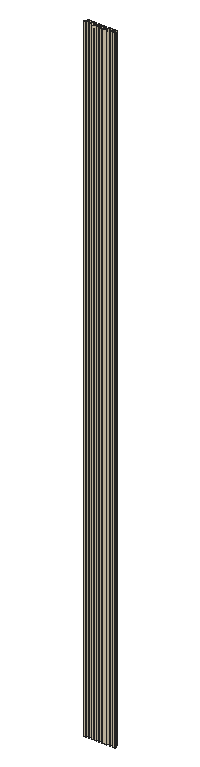
Revit family "HOB_GEN_Symphony_Cello_2", category Generic Models, Revit 2026
Family settings
  Can host rebar = No
  Round Connector Dimension = Use Diameter
  Part Type = Normal
  Work Plane-Based = No
  Always vertical = Yes
  Cut with Voids When Loaded = No
  Maintain Annotation Orientation = No
  Shared = Yes
  Room Calculation Point = No
Parameters
  URL = "https://houseofbamboo.com.au/"
  SectionArea = 0.002 m²  # constant formula
  Material = Bamboo_horizontalGrain
  Manufacturer = "House Of Bamboo"
  Length [instance] = 2900 mm
  Description = "18 mm x 140 mm"
  Default Elevation = 0 mm
  BambooVolume [instance] = 0.002 m² * Length  # 0.0058 m³
Reference planes
  plane 1 "Center (Front/Back)": y = 0
  plane 2: z = 0
  plane 3 "Center (Left/Right)": x = 0
  plane 4: x = 140
  plane 5: y = 18
  plane 6: z = 2900
Forms (mm)
  Extrusion 1, solid, material "Bamboo_horizontalGrain" <- "Material"
    sketch origin (-51.075, -50.082, 0) x (1, 0, 0) y (0, 1, 0)
      loop
        arc (52.174, 55.077) -> (51.404, 54.823) -> (51.075, 54.082) r 1
        line (51.075, 54.082) -> (51.075, 51.082)
        arc (51.075, 51.082) -> (51.368, 50.374) -> (52.075, 50.082) r 1
        line (52.075, 50.082) -> (60.352, 50.082)
        arc (60.352, 50.082) -> (61.049, 50.365) -> (61.352, 51.054) r 1
        line (61.352, 51.054) -> (61.575, 59.082)
        arc (61.575, 59.082) -> (62.746, 61.91) -> (65.575, 63.082) r 4
        line (65.575, 63.082) -> (67.575, 63.082)
        arc (67.575, 63.082) -> (70.403, 61.91) -> (71.575, 59.082) r 4
        line (71.575, 59.082) -> (71.798, 51.054)
        arc (71.798, 51.054) -> (72.1, 50.365) -> (72.797, 50.082) r 1
        line (72.797, 50.082) -> (75.354, 50.082)
        arc (75.354, 50.082) -> (76.05, 50.364) -> (76.353, 51.053) r 1
        line (76.353, 51.053) -> (76.599, 59.523)
        arc (76.599, 59.523) -> (77.907, 62.062) -> (80.575, 63.082) r 4
        line (80.575, 63.082) -> (82.575, 63.082)
        arc (82.575, 63.082) -> (85.403, 61.91) -> (86.575, 59.082) r 4
        line (86.575, 59.082) -> (86.798, 51.054)
        arc (86.798, 51.054) -> (87.1, 50.365) -> (87.797, 50.082) r 1
        line (87.797, 50.082) -> (107.352, 50.082)
        arc (107.352, 50.082) -> (108.049, 50.365) -> (108.352, 51.054) r 1
        line (108.352, 51.054) -> (108.575, 59.082)
        arc (108.575, 59.082) -> (109.746, 61.91) -> (112.575, 63.082) r 4
        line (112.575, 63.082) -> (114.575, 63.082)
        arc (114.575, 63.082) -> (117.403, 61.91) -> (118.575, 59.082) r 4
        line (118.575, 59.082) -> (118.798, 51.054)
        arc (118.798, 51.054) -> (119.1, 50.365) -> (119.797, 50.082) r 1
        line (119.797, 50.082) -> (122.354, 50.082)
        arc (122.354, 50.082) -> (123.05, 50.364) -> (123.353, 51.053) r 1
        line (123.353, 51.053) -> (123.599, 59.523)
        arc (123.599, 59.523) -> (124.907, 62.062) -> (127.575, 63.082) r 4
        line (127.575, 63.082) -> (129.575, 63.082)
        arc (129.575, 63.082) -> (132.403, 61.91) -> (133.575, 59.082) r 4
        line (133.575, 59.082) -> (133.798, 51.054)
        arc (133.798, 51.054) -> (134.1, 50.365) -> (134.797, 50.082) r 1
        line (134.797, 50.082) -> (154.352, 50.082)
        arc (154.352, 50.082) -> (155.049, 50.365) -> (155.352, 51.054) r 1
        line (155.352, 51.054) -> (155.575, 59.082)
        arc (155.575, 59.082) -> (156.746, 61.91) -> (159.575, 63.082) r 4
        line (159.575, 63.082) -> (161.575, 63.082)
        arc (161.575, 63.082) -> (164.403, 61.91) -> (165.575, 59.082) r 4
        line (165.575, 59.082) -> (165.798, 51.054)
        arc (165.798, 51.054) -> (166.1, 50.365) -> (166.797, 50.082) r 1
        line (166.797, 50.082) -> (169.354, 50.082)
        arc (169.354, 50.082) -> (170.05, 50.364) -> (170.353, 51.053) r 1
        line (170.353, 51.053) -> (170.599, 59.523)
        arc (170.599, 59.523) -> (171.907, 62.062) -> (174.575, 63.082) r 4
        line (174.575, 63.082) -> (176.575, 63.082)
        arc (176.575, 63.082) -> (179.403, 61.91) -> (180.575, 59.082) r 4
        line (180.575, 59.082) -> (180.798, 51.054)
        arc (180.798, 51.054) -> (181.1, 50.365) -> (181.797, 50.082) r 1
        line (181.797, 50.082) -> (190.075, 50.082)
        arc (190.075, 50.082) -> (190.782, 50.374) -> (191.075, 51.082) r 1
        line (191.075, 51.082) -> (191.075, 54.082)
        arc (191.075, 54.082) -> (190.746, 54.823) -> (189.975, 55.077) r 1
        arc (189.975, 55.077) -> (186.891, 56.116) -> (185.575, 59.082) r 4
        line (185.575, 59.082) -> (185.352, 67.109)
        arc (185.352, 67.109) -> (185.049, 67.798) -> (184.352, 68.082) r 1
        line (184.352, 68.082) -> (151.797, 68.082)
        arc (151.797, 68.082) -> (151.1, 67.798) -> (150.798, 67.109) r 1
        line (150.798, 67.109) -> (150.575, 59.082)
        arc (150.575, 59.082) -> (149.403, 56.253) -> (146.575, 55.082) r 4
        line (146.575, 55.082) -> (142.575, 55.082)
        arc (142.575, 55.082) -> (139.746, 56.253) -> (138.575, 59.082) r 4
        line (138.575, 59.082) -> (138.352, 67.109)
        arc (138.352, 67.109) -> (138.049, 67.798) -> (137.352, 68.082) r 1
        line (137.352, 68.082) -> (104.797, 68.082)
        arc (104.797, 68.082) -> (104.1, 67.798) -> (103.798, 67.109) r 1
        line (103.798, 67.109) -> (103.575, 59.082)
        arc (103.575, 59.082) -> (102.403, 56.253) -> (99.575, 55.082) r 4
        line (99.575, 55.082) -> (95.575, 55.082)
        arc (95.575, 55.082) -> (92.746, 56.253) -> (91.575, 59.082) r 4
        line (91.575, 59.082) -> (91.352, 67.109)
        arc (91.352, 67.109) -> (91.049, 67.798) -> (90.352, 68.082) r 1
        line (90.352, 68.082) -> (57.797, 68.082)
        arc (57.797, 68.082) -> (57.1, 67.798) -> (56.798, 67.109) r 1
        line (56.798, 67.109) -> (56.575, 59.082)
        arc (56.575, 59.082) -> (55.259, 56.116) -> (52.174, 55.077) r 4
    from 0 to 2900
Dimensions and locks
  plane 3 "Center (Left/Right)" to plane 4 = 140 mm
  plane 5 to plane 1 "Center (Front/Back)" = 18 mm
  "Length": plane 6 to plane 2
  aligned and locked: level to plane 2
  aligned and locked: plane 6 to Extrusion 1
  aligned and locked: Extrusion 1 to level
Automatic sketch dimensions
  Extrusion 1 sketch curve to Extrusion 1 sketch curve = 1 mm  (x24)
  Extrusion 1 sketch curve to Extrusion 1 sketch curve = 8.277 mm  (x2)
  Extrusion 1 sketch curve to Extrusion 1 sketch curve = 0.223 mm  (x11)
  Extrusion 1 sketch curve to Extrusion 1 sketch curve = 4 mm  (x15)
  Extrusion 1 sketch curve to Extrusion 1 sketch curve = 2 mm  (x6)
  Extrusion 1 sketch curve to plane 5 = 17.028 mm  (x2)
  Extrusion 1 sketch curve to Extrusion 1 sketch curve = 2.556 mm  (x3)
  Extrusion 1 sketch curve to plane 5 = 17.029 mm
  Extrusion 1 sketch curve to plane 5 = 8.558 mm
  Extrusion 1 sketch curve to Extrusion 1 sketch curve = 5.024 mm  (x3)
  Extrusion 1 sketch curve to Extrusion 1 sketch curve = 3.976 mm  (x3)
  Extrusion 1 sketch curve to Extrusion 1 sketch curve = 19.555 mm
  Extrusion 1 sketch curve to plane 4 = 57.277 mm
  Extrusion 1 sketch curve to plane 4 = 36.723 mm
  Extrusion 1 sketch curve to Extrusion 1 sketch curve = 0 mm  (x12)
  Extrusion 1 sketch curve to plane 5 = 18 mm
  Extrusion 1 sketch curve to Extrusion 1 sketch curve = 0.972 mm  (x8)
  Extrusion 1 sketch curve to Extrusion 1 sketch curve = 0.971 mm  (x3)
  Extrusion 1 sketch curve to Extrusion 1 sketch curve = 3 mm  (x2)
  Extrusion 1 sketch curve to Extrusion 1 sketch curve = 8.028 mm  (x8)
  Extrusion 1 sketch curve to Extrusion 1 sketch curve = 0.442 mm
  Extrusion 1 sketch curve to Extrusion 1 sketch curve = 0.4 mm
  Extrusion 1 sketch curve to Extrusion 1 sketch curve = 4.005 mm
  Extrusion 1 sketch curve to Extrusion 1 sketch curve = 7.777 mm  (x2)
  Extrusion 1 sketch curve to Extrusion 1 sketch curve = 5 mm  (x3)
  Extrusion 1 sketch curve to Extrusion 1 sketch curve = 0.028 mm  (x2)
  Extrusion 1 sketch curve to plane 4 = 53.723 mm
  Extrusion 1 sketch curve to plane 4 = 52.5 mm
  Extrusion 1 sketch curve to plane 4 = 48.5 mm
  Extrusion 1 sketch curve to Extrusion 1 sketch curve = 0.102 mm
  Extrusion 1 sketch curve to Extrusion 1 sketch curve = 0.002 mm  (x2)
  Extrusion 1 sketch curve to Extrusion 1 sketch curve = 0.5 mm
